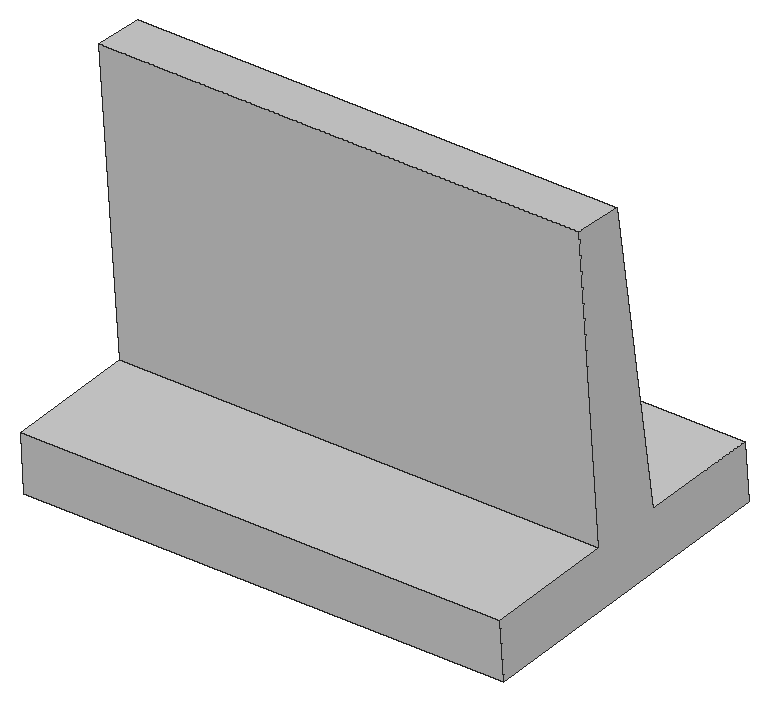
Revit family "M_ParedesdeRetenção_Par_Família", category Fundações estruturais, Revit 2019
Family settings
  Material para o comportamento do modelo = Outros
  Cap = Não
  Número OmniClass = 23.10.20.14
  Título OmniClass = Retaining Walls
  ID de item do Seek = RetainingWall_Par_Family-0000-CAN-ENU
  Com base no plano de trabalho = Não
  Sempre na vertical = Sim
  Corte com vazios quando carregada = Não
  Compartilhado = Não
Parameters (values of type "Padrão")
  hdiff = h3 - h4  # 61.2 mm
  h7 = h4 - h6  # 3026.2 mm
  h6 = Gw1 * tan(Alfa - Beta)  # 0 mm
  h4 = 3026.2 mm
  h3 = 3087.4 mm
  Tmp2 = (Bw + Gf4 * tan(Alfa - Gama)) * cos(Alfa - Gama)  # 1158.335 mm
  Tmp1 = (Bw + Gw2 + Gf4 * tan(Alfa - Beta)) * cos(Alfa - Beta)  # 1900 mm
  Structural Material [instance] = Concreto - Moldado in loco
  Length [instance] = 5000 mm
  H = 3500 mm
  Gw2 = 700 mm
  Gw1 = 500 mm
  Gf4 = 592.2 mm
  Gama2 = atan((Gw2 * cos(Alfa - Beta) - Gw1 * cos(Alfa - Beta)) / h7)  # 3.78115°
  Gama = Gama2 + Beta  # 8.78115°
  Bw = 1200 mm
  Beta = 5.00°
  B = 3200 mm
  Assembly Code = ""
  Alfa = 5.00°
Reference planes
  plane 1 "Centro (Frente/Trás)": y = 0
  plane 2: z = 0
  plane 3 "Centro (Esquerda/Direita)": x = 0
  plane 4: z = 3500
  plane 5: x = 5000
Forms (mm)
  Sweep 1, solid, material "Concreto - Moldado in loco" <- "Structural Material"
    path origin (0, 0, 0) x (1, 0, 0) y (0, 1, 0)
      loop
        line (0, 0) -> (5000, 0)
    profile "M_Perfil : M_Perfil" origin (2500, 0, 0) x (0, 1, 0) y (0, 0, 1)
      loop
        line (-1712.723, 3500) -> (-2213.468, 3500) -> (-1944.384, 424.351) -> (-3239.437, 311.048) -> (-3187.823, -278.898) -> (0, 0) -> (-51.614, 589.947) -> (-1247.047, 485.36) -> (-1712.723, 3500)
Dimensions and locks
  "H": plane 4 to plane 2
  "Length": plane 3 "Centro (Esquerda/Direita)" to plane 5
  aligned and locked: plane 3 "Centro (Esquerda/Direita)" to Sweep 1 sketch curve
  aligned and locked: plane 5 to Sweep 1 sketch curve
  aligned and locked: plane 1 "Centro (Frente/Trás)" to Sweep 1 sketch curve
